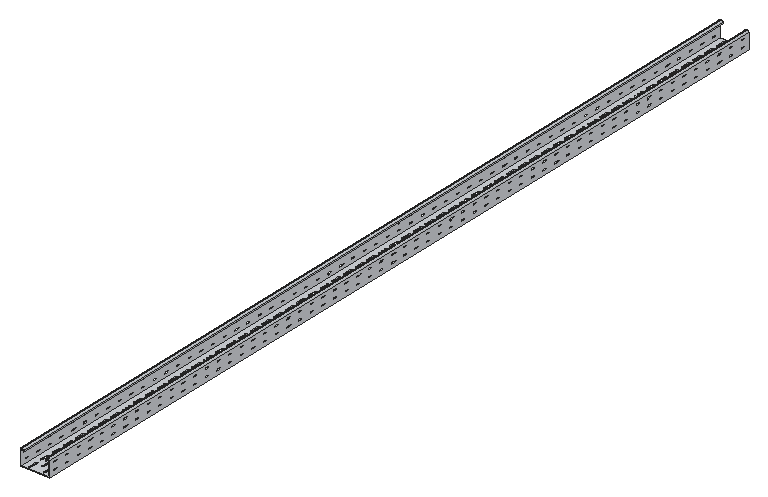
Revit family "Kabelrinne_610_FT_FS_A2_A4_FTSO", category Generic Models, Revit 2017 (continued)
Forms (mm)
  Extrusion 413, void
    sketch origin (50, -2650, 0) x (1, 0, 0) y (0, 1, 0)
      loop
        arc (-21.5, -12.5) -> (-25, -9) -> (-28.5, -12.5) r 3.5
        line (-28.5, -12.5) -> (-28.5, -37.5)
    from 0.015 to 1.5
  Extrusion 414, void
    sketch origin (0, -2700, 0) x (1, 0, 0) y (0, 1, 0)
      loop
        arc (-28.5, -37.5) -> (-25, -41) -> (-21.5, -37.5) r 3.5
        line (-21.5, -37.5) -> (-21.5, -12.5)
        arc (-21.5, -12.5) -> (-25, -9) -> (-28.5, -12.5) r 3.5
        line (-28.5, -12.5) -> (-28.5, -37.5)
    from 0.015 to 1.5
  Extrusion 415, void
    sketch origin (50, -2700, 0) x (1, 0, 0) y (0, 1, 0)
      loop
        arc (-28.5, -37.5) -> (-25, -41) -> (-21.5, -37.5) r 3.5
        line (-21.5, -37.5) -> (-21.5, -12.5)
        arc (-21.5, -12.5) -> (-25, -9) -> (-28.5, -12.5) r 3.5
        line (-28.5, -12.5) -> (-28.5, -37.5)
    from 0.015 to 1.5
  Extrusion 416, void
    sketch origin (0, -2750, 0) x (1, 0, 0) y (0, 1, 0)
      loop
        arc (-28.5, -37.5) -> (-25, -41) -> (-21.5, -37.5) r 3.5
        line (-21.5, -37.5) -> (-21.5, -12.5)
        arc (-21.5, -12.5) -> (-25, -9) -> (-28.5, -12.5) r 3.5
        line (-28.5, -12.5) -> (-28.5, -37.5)
    from 0.015 to 1.5
  Extrusion 417, void
    sketch origin (50, -2750, 0) x (1, 0, 0) y (0, 1, 0)
      loop
        arc (-28.5, -37.5) -> (-25, -41) -> (-21.5, -37.5) r 3.5
        line (-21.5, -37.5) -> (-21.5, -12.5)
        arc (-21.5, -12.5) -> (-25, -9) -> (-28.5, -12.5) r 3.5
        line (-28.5, -12.5) -> (-28.5, -37.5)
    from 0.015 to 1.5
  Extrusion 418, void
    sketch origin (0, -2800, 0) x (1, 0, 0) y (0, 1, 0)
      loop
        arc (-28.5, -37.5) -> (-25, -41) -> (-21.5, -37.5) r 3.5
        line (-21.5, -37.5) -> (-21.5, -12.5)
        arc (-21.5, -12.5) -> (-25, -9) -> (-28.5, -12.5) r 3.5
        line (-28.5, -12.5) -> (-28.5, -37.5)
    from 0.015 to 1.5
  Extrusion 419, void
    sketch origin (50, -2800, 0) x (1, 0, 0) y (0, 1, 0)
      loop
        arc (-28.5, -37.5) -> (-25, -41) -> (-21.5, -37.5) r 3.5
        line (-21.5, -37.5) -> (-21.5, -12.5)
        arc (-21.5, -12.5) -> (-25, -9) -> (-28.5, -12.5) r 3.5
        line (-28.5, -12.5) -> (-28.5, -37.5)
    from 0.015 to 1.5
  Extrusion 420, void
    sketch origin (0, -2850, 0) x (1, 0, 0) y (0, 1, 0)
      loop
        arc (-28.5, -37.5) -> (-25, -41) -> (-21.5, -37.5) r 3.5
        line (-21.5, -37.5) -> (-21.5, -12.5)
        arc (-21.5, -12.5) -> (-25, -9) -> (-28.5, -12.5) r 3.5
        line (-28.5, -12.5) -> (-28.5, -37.5)
    from 0.015 to 1.5
  Extrusion 421, void
    sketch origin (50, -2850, 0) x (1, 0, 0) y (0, 1, 0)
      loop
        arc (-28.5, -37.5) -> (-25, -41) -> (-21.5, -37.5) r 3.5
        line (-21.5, -37.5) -> (-21.5, -12.5)
        arc (-21.5, -12.5) -> (-25, -9) -> (-28.5, -12.5) r 3.5
        line (-28.5, -12.5) -> (-28.5, -37.5)
    from 0.015 to 1.5
  Extrusion 422, void
    sketch origin (0, -2900, 0) x (1, 0, 0) y (0, 1, 0)
      loop
        arc (-28.5, -37.5) -> (-25, -41) -> (-21.5, -37.5) r 3.5
        line (-21.5, -37.5) -> (-21.5, -12.5)
        arc (-21.5, -12.5) -> (-25, -9) -> (-28.5, -12.5) r 3.5
        line (-28.5, -12.5) -> (-28.5, -37.5)
    from 0.015 to 1.5
  Extrusion 423, void
    sketch origin (50, -2900, 0) x (1, 0, 0) y (0, 1, 0)
      loop
        arc (-28.5, -37.5) -> (-25, -41) -> (-21.5, -37.5) r 3.5
        line (-21.5, -37.5) -> (-21.5, -12.5)
        arc (-21.5, -12.5) -> (-25, -9) -> (-28.5, -12.5) r 3.5
        line (-28.5, -12.5) -> (-28.5, -37.5)
    from 0.015 to 1.5
  Extrusion 424, void
    sketch origin (0, -2950, 0) x (1, 0, 0) y (0, 1, 0)
      loop
        arc (-28.5, -37.5) -> (-25, -41) -> (-21.5, -37.5) r 3.5
        line (-21.5, -37.5) -> (-21.5, -12.5)
        arc (-21.5, -12.5) -> (-25, -9) -> (-28.5, -12.5) r 3.5
        line (-28.5, -12.5) -> (-28.5, -37.5)
    from 0.015 to 1.5
  Extrusion 425, void
    sketch origin (50, -2950, 0) x (1, 0, 0) y (0, 1, 0)
      loop
        arc (-28.5, -37.5) -> (-25, -41) -> (-21.5, -37.5) r 3.5
        line (-21.5, -37.5) -> (-21.5, -12.5)
        arc (-21.5, -12.5) -> (-25, -9) -> (-28.5, -12.5) r 3.5
        line (-28.5, -12.5) -> (-28.5, -37.5)
    from 0.015 to 1.5
Cuts and joins
  Extrusion 4, Extrusion 5, Extrusion 6, Extrusion 7, Extrusion 9, Extrusion 10, Extrusion 12, Extrusion 13, Extrusion 14, Extrusion 15, Extrusion 16, Extrusion 17, Extrusion 18, Extrusion 19, Extrusion 20, Extrusion 21, Extrusion 22, Extrusion 23, Extrusion 24, Extrusion 25, Extrusion 26, Extrusion 27, Extrusion 28, Extrusion 29, Extrusion 30, Extrusion 31, Extrusion 32, Extrusion 33, Extrusion 34, Extrusion 35, Extrusion 36, Extrusion 37, Extrusion 38, Extrusion 39, Extrusion 40, Extrusion 41, Extrusion 42, Extrusion 43, Extrusion 44, Extrusion 45, Extrusion 46, Extrusion 47, Extrusion 48, Extrusion 49, Extrusion 50, Extrusion 51, Extrusion 52, Extrusion 53, Extrusion 54, Extrusion 55, Extrusion 56, Extrusion 57, Extrusion 58, Extrusion 59, Extrusion 60, Extrusion 61, Extrusion 62, Extrusion 63, Extrusion 64, Extrusion 65, Extrusion 66, Extrusion 67, Extrusion 68, Extrusion 69, Extrusion 70, Extrusion 71, Extrusion 72, Extrusion 73, Extrusion 74, Extrusion 75, Extrusion 76, Extrusion 77, Extrusion 78, Extrusion 79, Extrusion 80, Extrusion 81, Extrusion 82, Extrusion 83, Extrusion 84, Extrusion 85, Extrusion 86, Extrusion 87, Extrusion 88, Extrusion 89, Extrusion 90, Extrusion 91, Extrusion 92, Extrusion 93, Extrusion 94, Extrusion 95, Extrusion 96, Extrusion 97, Extrusion 98, Extrusion 99, Extrusion 100, Extrusion 101, Extrusion 102, Extrusion 103, Extrusion 104, Extrusion 105, Extrusion 106, Extrusion 107, Extrusion 108, Extrusion 109, Extrusion 110, Extrusion 111, Extrusion 112, Extrusion 113, Extrusion 114, Extrusion 115, Extrusion 116, Extrusion 117, Extrusion 118, Extrusion 119, Extrusion 120, Extrusion 121, Extrusion 122, Extrusion 123, Extrusion 124, Extrusion 125, Extrusion 126, Extrusion 127, Extrusion 128, Extrusion 129, Extrusion 130, Extrusion 131, Extrusion 132, Extrusion 133, Extrusion 134, Extrusion 135, Extrusion 136, Extrusion 137, Extrusion 138, Extrusion 139, Extrusion 140, Extrusion 141, Extrusion 142, Extrusion 143, Extrusion 144, Extrusion 145, Extrusion 146, Extrusion 147, Extrusion 148, Extrusion 149, Extrusion 150, Extrusion 151, Extrusion 152, Extrusion 153, Extrusion 154, Extrusion 155, Extrusion 156, Extrusion 157, Extrusion 158, Extrusion 159, Extrusion 160, Extrusion 161, Extrusion 162, Extrusion 163, Extrusion 164, Extrusion 165, Extrusion 166, Extrusion 167, Extrusion 168, Extrusion 169, Extrusion 170, Extrusion 171, Extrusion 172, Extrusion 173, Extrusion 174, Extrusion 175, Extrusion 176, Extrusion 177, Extrusion 178, Extrusion 179, Extrusion 180, Extrusion 181, Extrusion 182, Extrusion 183, Extrusion 184, Extrusion 185, Extrusion 186, Extrusion 187, Extrusion 188, Extrusion 189, Extrusion 190, Extrusion 191, Extrusion 192, Extrusion 193, Extrusion 194, Extrusion 195, Extrusion 196, Extrusion 197, Extrusion 198, Extrusion 199, Extrusion 200, Extrusion 201, Extrusion 202, Extrusion 203, Extrusion 204, Extrusion 205, Extrusion 206, Extrusion 207, Extrusion 208, Extrusion 209, Extrusion 210, Extrusion 211, Extrusion 212, Extrusion 213, Extrusion 214, Extrusion 215, Extrusion 216, Extrusion 217, Extrusion 218, Extrusion 219, Extrusion 220, Extrusion 221, Extrusion 222, Extrusion 223, Extrusion 224, Extrusion 225, Extrusion 226, Extrusion 227, Extrusion 228, Extrusion 229, Extrusion 230, Extrusion 231, Extrusion 232, Extrusion 233, Extrusion 234, Extrusion 235, Extrusion 236, Extrusion 237, Extrusion 238, Extrusion 239, Extrusion 240, Extrusion 241, Extrusion 242, Extrusion 243, Extrusion 244, Extrusion 245, Extrusion 246, Extrusion 247, Extrusion 248, Extrusion 249, Extrusion 250, Extrusion 251, Extrusion 252, Extrusion 253, Extrusion 254, Extrusion 255, Extrusion 256, Extrusion 257, Extrusion 258, Extrusion 259, Extrusion 260, Extrusion 261, Extrusion 262, Extrusion 263, Extrusion 264, Extrusion 265, Extrusion 266, Extrusion 267, Extrusion 268, Extrusion 269, Extrusion 270, Extrusion 271, Extrusion 272, Extrusion 273, Extrusion 274, Extrusion 275, Extrusion 276, Extrusion 277, Extrusion 278, Extrusion 279, Extrusion 280, Extrusion 281, Extrusion 282, Extrusion 283, Extrusion 284, Extrusion 285, Extrusion 286, Extrusion 287, Extrusion 288, Extrusion 289, Extrusion 290, Extrusion 291, Extrusion 292, Extrusion 293, Extrusion 294, Extrusion 295, Extrusion 296, Extrusion 297, Extrusion 298, Extrusion 299, Extrusion 300, Extrusion 301, Extrusion 302, Extrusion 303, Extrusion 304, Extrusion 305, Extrusion 306, Extrusion 308, Extrusion 309, Extrusion 310, Extrusion 311, Extrusion 312, Extrusion 313, Extrusion 314, Extrusion 315, Extrusion 316, Extrusion 317, Extrusion 318, Extrusion 319, Extrusion 320, Extrusion 321, Extrusion 322, Extrusion 323, Extrusion 324, Extrusion 325, Extrusion 326, Extrusion 327, Extrusion 328, Extrusion 329, Extrusion 330, Extrusion 331, Extrusion 332, Extrusion 333, Extrusion 334, Extrusion 335, Extrusion 336, Extrusion 337, Extrusion 338, Extrusion 339, Extrusion 340, Extrusion 341, Extrusion 342, Extrusion 343, Extrusion 344, Extrusion 345, Extrusion 346, Extrusion 347, Extrusion 348, Extrusion 349, Extrusion 350, Extrusion 351, Extrusion 352, Extrusion 353, Extrusion 354, Extrusion 355, Extrusion 356, Extrusion 357, Extrusion 358, Extrusion 359, Extrusion 360, Extrusion 361, Extrusion 362, Extrusion 363, Extrusion 364, Extrusion 365, Extrusion 366, Extrusion 367, Extrusion 368, Extrusion 369, Extrusion 370, Extrusion 371, Extrusion 372, Extrusion 373, Extrusion 374, Extrusion 375, Extrusion 376, Extrusion 377, Extrusion 378, Extrusion 379, Extrusion 380, Extrusion 381, Extrusion 382, Extrusion 383, Extrusion 384, Extrusion 385, Extrusion 386, Extrusion 387, Extrusion 388, Extrusion 389, Extrusion 390, Extrusion 391, Extrusion 392, Extrusion 393, Extrusion 394, Extrusion 395, Extrusion 396, Extrusion 397, Extrusion 398, Extrusion 399, Extrusion 400, Extrusion 401, Extrusion 402, Extrusion 403, Extrusion 404, Extrusion 405, Extrusion 406, Extrusion 407, Extrusion 408, Extrusion 409, Extrusion 410, Extrusion 411, Extrusion 412, Extrusion 413, Extrusion 414, Extrusion 415, Extrusion 416, Extrusion 417, Extrusion 418, Extrusion 419, Extrusion 420, Extrusion 421, Extrusion 422, Extrusion 423, Extrusion 424, Extrusion 425 cuts Extrusion 1
Dimensions and locks
  "Width": Extrusion 1 sketch curve to Extrusion 1 sketch curve
  "Width 1": Extrusion 1 sketch curve to plane 3 "Center (Left/Right)"
  locked: Extrusion 1 sketch curve to Extrusion 1 sketch curve at 12  (x2)
  locked: Extrusion 1 sketch curve to Extrusion 1 sketch curve at 9  (x2)
  locked: Extrusion 1 sketch curve to Extrusion 1 sketch curve at 1.5  (x5)
  "Height": plane 4 to level
  "Length": plane 1 "Center (Front/Back)" to plane 5
  locked: Extrusion 2 sketch curve to Extrusion 2 sketch curve at 7
  locked: Extrusion 3 sketch curve to Extrusion 3 sketch curve at 7
  locked: Extrusion 4 sketch curve to Extrusion 4 sketch curve at 7
  locked: cut or joined group 1 (Extrusion 1, Extrusion 4, Extrusion 5, Extrusion 6, Extrusion 7, Extrusion 9, Extrusion 10, Extrusion 12, Extrusion 13, Extrusion 14, Extrusion 15, Extrusion 16, Extrusion 17, Extrusion 18, Extrusion 19, Extrusion 20, Extrusion 21, Extrusion 22, Extrusion 23, Extrusion 24, Extrusion 25, Extrusion 26, Extrusion 27, Extrusion 28, Extrusion 29, Extrusion 30, Extrusion 31, Extrusion 32, Extrusion 33, Extrusion 34, Extrusion 35, Extrusion 36, Extrusion 37, Extrusion 38, Extrusion 39, Extrusion 40, Extrusion 41, Extrusion 42, Extrusion 43, Extrusion 44, Extrusion 45, Extrusion 46, Extrusion 47, Extrusion 48, Extrusion 49, Extrusion 50, Extrusion 51, Extrusion 52, Extrusion 53, Extrusion 54, Extrusion 55, Extrusion 56, Extrusion 57, Extrusion 58, Extrusion 59, Extrusion 60, Extrusion 61, Extrusion 62, Extrusion 63, Extrusion 64, Extrusion 65, Extrusion 66, Extrusion 67, Extrusion 68, Extrusion 69, Extrusion 70, Extrusion 71, Extrusion 72, Extrusion 73, Extrusion 74, Extrusion 75, Extrusion 76, Extrusion 77, Extrusion 78, Extrusion 79, Extrusion 80, Extrusion 81, Extrusion 82, Extrusion 83, Extrusion 84, Extrusion 85, Extrusion 86, Extrusion 87, Extrusion 88, Extrusion 89, Extrusion 90, Extrusion 91, Extrusion 92, Extrusion 93, Extrusion 94, Extrusion 95, Extrusion 96, Extrusion 97, Extrusion 98, Extrusion 99, Extrusion 100, Extrusion 101, Extrusion 102, Extrusion 103, Extrusion 104, Extrusion 105, Extrusion 106, Extrusion 107, Extrusion 108, Extrusion 109, Extrusion 110, Extrusion 111, Extrusion 112, Extrusion 113, Extrusion 114, Extrusion 115, Extrusion 116, Extrusion 117, Extrusion 118, Extrusion 119, Extrusion 120, Extrusion 121, Extrusion 122, Extrusion 123, Extrusion 124, Extrusion 125, Extrusion 126, Extrusion 127, Extrusion 128, Extrusion 129, Extrusion 130, Extrusion 131, Extrusion 132, Extrusion 133, Extrusion 134, Extrusion 135, Extrusion 136, Extrusion 137, Extrusion 138, Extrusion 139, Extrusion 140, Extrusion 141, Extrusion 142, Extrusion 143, Extrusion 144, Extrusion 145, Extrusion 146, Extrusion 147, Extrusion 148, Extrusion 149, Extrusion 150, Extrusion 151, Extrusion 152, Extrusion 153, Extrusion 154, Extrusion 155, Extrusion 156, Extrusion 157, Extrusion 158, Extrusion 159, Extrusion 160, Extrusion 161, Extrusion 162, Extrusion 163, Extrusion 164, Extrusion 165, Extrusion 166, Extrusion 167, Extrusion 168, Extrusion 169, Extrusion 170, Extrusion 171, Extrusion 172, Extrusion 173, Extrusion 174, Extrusion 175, Extrusion 176, Extrusion 177, Extrusion 178, Extrusion 179, Extrusion 180, Extrusion 181, Extrusion 182, Extrusion 183, Extrusion 184, Extrusion 185, Extrusion 186, Extrusion 187, Extrusion 188, Extrusion 189, Extrusion 190, Extrusion 191, Extrusion 192, Extrusion 193, Extrusion 194, Extrusion 195, Extrusion 196, Extrusion 197, Extrusion 198, Extrusion 199, Extrusion 200, Extrusion 201, Extrusion 202, Extrusion 203, Extrusion 204, Extrusion 205, Extrusion 206, Extrusion 207, Extrusion 208, Extrusion 209, Extrusion 210, Extrusion 211, Extrusion 212, Extrusion 213, Extrusion 214, Extrusion 215, Extrusion 216, Extrusion 217, Extrusion 218, Extrusion 219, Extrusion 220, Extrusion 221, Extrusion 222, Extrusion 223, Extrusion 224, Extrusion 225, Extrusion 226, Extrusion 227, Extrusion 228, Extrusion 229, Extrusion 230, Extrusion 231, Extrusion 232, Extrusion 233, Extrusion 234, Extrusion 235, Extrusion 236, Extrusion 237, Extrusion 238, Extrusion 239, Extrusion 240, Extrusion 241, Extrusion 242, Extrusion 243, Extrusion 244, Extrusion 245, Extrusion 246, Extrusion 247, Extrusion 248, Extrusion 249, Extrusion 250, Extrusion 251, Extrusion 252, Extrusion 253, Extrusion 254, Extrusion 255, Extrusion 256, Extrusion 257, Extrusion 258, Extrusion 259, Extrusion 260, Extrusion 261, Extrusion 262, Extrusion 263, Extrusion 264, Extrusion 265, Extrusion 266, Extrusion 267, Extrusion 268, Extrusion 269, Extrusion 270, Extrusion 271, Extrusion 272, Extrusion 273, Extrusion 274, Extrusion 275, Extrusion 276, Extrusion 277, Extrusion 278, Extrusion 279, Extrusion 280, Extrusion 281, Extrusion 282, Extrusion 283, Extrusion 284, Extrusion 285, Extrusion 286, Extrusion 287, Extrusion 288, Extrusion 289, Extrusion 290, Extrusion 291, Extrusion 292, Extrusion 293, Extrusion 294, Extrusion 295, Extrusion 296, Extrusion 297, Extrusion 298, Extrusion 299, Extrusion 300, Extrusion 301, Extrusion 302, Extrusion 303, Extrusion 304, Extrusion 305, Extrusion 306, Extrusion 308, Extrusion 309, Extrusion 310, Extrusion 311, Extrusion 312, Extrusion 313, Extrusion 314, Extrusion 315, Extrusion 316, Extrusion 317, Extrusion 318, Extrusion 319, Extrusion 320, Extrusion 321, Extrusion 322, Extrusion 323, Extrusion 324, Extrusion 325, Extrusion 326, Extrusion 327, Extrusion 328, Extrusion 329, Extrusion 330, Extrusion 331, Extrusion 332, Extrusion 333, Extrusion 334, Extrusion 335, Extrusion 336, Extrusion 337, Extrusion 338, Extrusion 339, Extrusion 340, Extrusion 341, Extrusion 342, Extrusion 343, Extrusion 344, Extrusion 345, Extrusion 346, Extrusion 347, Extrusion 348, Extrusion 349, Extrusion 350, Extrusion 351, Extrusion 352, Extrusion 353, Extrusion 354, Extrusion 355, Extrusion 356, Extrusion 357, Extrusion 358, Extrusion 359, Extrusion 360, Extrusion 361, Extrusion 362, Extrusion 363, Extrusion 364, Extrusion 365, Extrusion 366, Extrusion 367, Extrusion 368, Extrusion 369, Extrusion 370, Extrusion 371, Extrusion 372, Extrusion 373, Extrusion 374, Extrusion 375, Extrusion 376, Extrusion 377, Extrusion 378, Extrusion 379, Extrusion 380, Extrusion 381, Extrusion 382, Extrusion 383, Extrusion 384, Extrusion 385, Extrusion 386, Extrusion 387, Extrusion 388, Extrusion 389, Extrusion 390, Extrusion 391, Extrusion 392, Extrusion 393, Extrusion 394, Extrusion 395, Extrusion 396, Extrusion 397, Extrusion 398, Extrusion 399, Extrusion 400, Extrusion 401, Extrusion 402, Extrusion 403, Extrusion 404, Extrusion 405, Extrusion 406, Extrusion 407, Extrusion 408, Extrusion 409, Extrusion 410, Extrusion 411, Extrusion 412, Extrusion 413, Extrusion 414, Extrusion 415, Extrusion 416, Extrusion 417, Extrusion 418, Extrusion 419, Extrusion 420, Extrusion 421, Extrusion 422, Extrusion 423, Extrusion 424, Extrusion 425) to level at 18.5  (x2)
  locked: plane 1 "Center (Front/Back)" to cut or joined group 1 at 15  (x2)
  locked: plane 1 "Center (Front/Back)" to cut or joined group 1 at 35  (x2)
  locked: cut or joined group 1 to level at 11.5  (x2)
  locked: Extrusion 5 sketch curve to Extrusion 5 sketch curve at 7
  group 3 to group 4 = 0 mm  (x2)
  group 3 to group 4 = 25 mm
  locked: cut or joined group 1 to level at 43.5
  locked: cut or joined group 1 to level at 36.5
  locked: plane 9 to plane 8 at 1.503
  "Width 1": plane 3 "Center (Left/Right)" to plane 8
  locked: Extrusion 6 sketch curve to Extrusion 6 sketch curve at 7
  locked: cut or joined group 1 to plane 1 "Center (Front/Back)" at 15  (x2)
